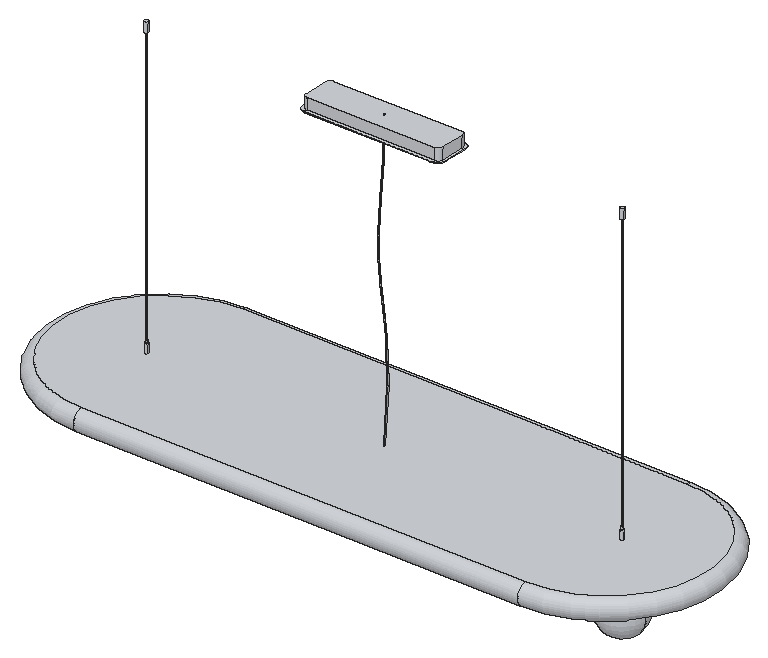
Revit family "BuzziSurf", category Lighting Fixtures, host Ceiling, Revit 2018
Family settings
  Host = Ceiling
  Round Connector Dimension = Use Diameter
  Part Type = Normal
  Always vertical = Yes
  Cut with Voids When Loaded = No
  Light Source = No
  Shared = No
  Room Calculation Point = No
Parameters (values of type "Sol Quintet Globe")
  Width = 210.00 cm
  Trio Light Visibility = yes
  Spot Light = no
  Solo Visibility = no
  Shade Upholstery [instance] = none
  Quintet Light Visibility = yes
  Metal Housing [instance] = none
  Light Spacing = 37.50 cm
  Large Visibility = yes
  Globe Material [instance] = none
  Drop From Ceiling [instance] = 100.00 cm
  Cord [instance] = none
  Ceiling Suspended Straight = yes
  Canopy Width = 45.00 cm
  Canopy [instance] = none
  Cables [instance] = none
Types (7, lengths in cm): name | Width | Trio Light Visibility | Spot Light | Solo Visibility | Quintet Light Visibility | Light Spacing | Large Visibility | Canopy Width
  (no name) | 210.00 | yes | no | no | yes | 37.50 | yes | 45.00
  Sol Solo Spot | 108.00 | no | yes | yes | no | 37.50 | no | 12.50
  Sol Solo Globe | 108.00 | no | no | yes | no | 37.50 | no | 12.50
  Sol Trio Globe | 140.00 | yes | no | no | no | 40.00 | yes | 35.00
  Sol Trio Spot | 140.00 | yes | yes | no | no | 40.00 | yes | 35.00
  Sol Quintet Globe | 210.00 | yes | no | no | yes | 37.50 | yes | 45.00
  Sol Quintet Spot | 210.00 | yes | yes | no | yes | 37.50 | yes | 45.00
Reference planes (cm)
  plane 1 "Center (Front/Back)": y = 0
  plane 2 "Ceiling": z = 243.84
  plane 3 "Center (Left/Right)": x = 0
  plane 4 "Fixture Bottom": z = 143.84
  plane 5: y = 35
  plane 6: y = -35
  plane 7: z = 150.34
  plane 8: x = -105
  plane 9: x = 105
  plane 10: x = -70
  plane 11: x = 70
  plane 12 "Center L/S": z = 141.34
  plane 13 "Trio Light Left": x = -37.5
  plane 14: x = 37.5
  plane 15 "Quintet Light Left": x = -75
  plane 16 "Quintet Light Right": x = 75
  plane 17 "Hanger Right": x = 75
  plane 18 "Hanger Left": x = -75
  plane 19: z = 152.99
  plane 20: z = 153.89
  plane 21: z = 240.94
  plane 22 "Electrical Bar Left": x = -78
  plane 23 "Electrical Bar Right": x = 78
  plane 24 "Canopy Left": x = -22.5
  plane 25 "Canopy Right": x = 22.5
  plane 26 "Canopy Edge Left": x = -21.5
  plane 27 "Canopy Edge Right": x = 21.5
Forms (cm)
  Revolve 1, solid, material <- "Shade Upholstery", visible <- "Solo Visibility"
    sketch origin (0, 0, 0) x (1, 0, 0) y (0, 0, 1)
      loop
        arc (-31.75, 150.34) -> (-35, 147.09) -> (-31.75, 143.84) r 3.25
        line (-31.75, 143.84) -> (0, 143.84) -> (0, 150.34) -> (-31.75, 150.34)
      axis (0, 150.34) -> (0, 143.84)
    angle from 0 to 360
  Revolve 2, solid, material <- "Shade Upholstery", visible <- "Large Visibility"
    sketch origin (0, 0, 0) x (1, 0, 0) y (0, 0, 1)
      loop
        arc (-101.75, 150.34) -> (-105, 147.09) -> (-101.75, 143.84) r 3.25
        line (-101.75, 143.84) -> (-70, 143.84) -> (-70, 150.34) -> (-101.75, 150.34)
      axis (-70, 150.34) -> (-70, 143.84)
    angle from -90 to 90
  Extrusion 3, solid, material <- "Shade Upholstery", visible <- "Large Visibility"
    sketch origin (-70, 84.5155, 121.92) x (0, 1, 0) y (0, 0, 1)
      loop
        arc (-52.7655, 21.92) -> (-49.5155, 25.17) -> (-52.7655, 28.42) r 3.25
        line (-52.7655, 28.42) -> (-116.2655, 28.42)
        arc (-116.2655, 28.42) -> (-119.5155, 25.17) -> (-116.2655, 21.92) r 3.25
        line (-116.2655, 21.92) -> (-52.7655, 21.92)
    from 0 to 140
  Revolve 4, solid, material <- "Shade Upholstery", visible <- "Large Visibility"
    sketch origin (0, 0, 0) x (1, 0, 0) y (0, 0, 1)
      loop
        line (101.75, 150.34) -> (70, 150.34) -> (70, 143.84) -> (101.75, 143.84)
        arc (101.75, 143.84) -> (105, 147.09) -> (101.75, 150.34) r 3.25
      axis (70, 150.34) -> (70, 143.84)
    angle from -90 to 90
  Extrusion 5, solid, material <- "Cables"
    sketch origin (-213.4795, -457.2, 150.34) x (-1, 0, 0) y (0, -1, 0)
      loop
        circle (-138.4795, -457.2) r 0.5
    from 0 to 2.65
  Extrusion 6, solid, material <- "Cables"
    sketch origin (-213.4795, -457.2, 152.99) x (-1, 0, 0) y (0, -1, 0)
      loop
        circle (-138.4795, -457.2) r 0.25
    from 0 to 0.9
  Extrusion 7, solid, material <- "Cables"
    sketch origin (-63.4795, -457.2, 150.34) x (-1, 0, 0) y (0, -1, 0)
      loop
        circle (-138.4795, -457.2) r 0.5
    from 0 to 2.65
  Extrusion 8, solid, material <- "Cables"
    sketch origin (-63.4795, -457.2, 152.99) x (-1, 0, 0) y (0, -1, 0)
      loop
        circle (-138.4795, -457.2) r 0.25
    from 0 to 0.9
  Extrusion 9, solid, material <- "Cables", visible <- "Ceiling Suspended Straight"
    sketch origin (0, 14.2894, 243.84) x (1, 0, 0) y (0, 1, 0)
      loop
        circle (-75, -14.2894) r 0.6
    from 0 to -2.9
  Extrusion 10, solid, material <- "Cables"
    sketch origin (-213.4795, -457.2, 153.89) x (-1, 0, 0) y (0, -1, 0)
      loop
        circle (-138.4795, -457.2) r 0.08
    from 0 to 87.05
  Extrusion 11, solid, material <- "Cables", visible <- "Ceiling Suspended Straight"
    sketch origin (150, 14.2894, 243.84) x (1, 0, 0) y (0, 1, 0)
      loop
        circle (-75, -14.2894) r 0.6
    from 0 to -2.9
  Extrusion 12, solid, material <- "Cables"
    sketch origin (-63.4795, -457.2, 153.89) x (-1, 0, 0) y (0, -1, 0)
      loop
        circle (-138.4795, -457.2) r 0.08
    from 0 to 87.05
  Extrusion 13, solid, material <- "Cord", visible <- "Solo Visibility"
    sketch origin (-213.4795, -457.2, 153.89) x (-1, 0, 0) y (0, -1, 0)
      loop
        circle (-213.4795, -457.2) r 0.08
    from -12.55 to -10.05
  Extrusion 14, solid, material <- "Canopy", visible <- "Large Visibility"
    sketch origin (-78, -457.2, 228.2835) x (0, 0, 1) y (0, -1, 0)
      loop
        line (-86.9435, -458.45) -> (-84.4435, -458.45) -> (-84.4435, -455.95) -> (-86.9435, -455.95) -> (-86.9435, -458.45)
    from 0 to 156
  Extrusion 15, solid, material <- "Canopy"
    sketch origin (-5.9951, 0, 243.84) x (1, 0, 0) y (0, 1, 0)
      loop
        arc (-14.0049, 5.25) -> (-15.0656, 4.8107) -> (-15.5049, 3.75) r 1.5
        line (-15.5049, 3.75) -> (-15.5049, -3.75)
        arc (-15.5049, -3.75) -> (-15.0656, -4.8107) -> (-14.0049, -5.25) r 1.5
        line (-14.0049, -5.25) -> (25.9951, -5.25)
        arc (25.9951, -5.25) -> (27.0557, -4.8107) -> (27.4951, -3.75) r 1.5
        line (27.4951, -3.75) -> (27.4951, 3.75)
        arc (27.4951, 3.75) -> (27.0557, 4.8107) -> (25.9951, 5.25) r 1.5
        line (25.9951, 5.25) -> (-14.0049, 5.25)
    from 0 to -3.5
  Extrusion 16, solid, material <- "Canopy"
    sketch origin (-5.9951, 0, 243.84) x (1, 0, 0) y (0, 1, 0)
      loop
        line (25.9551, 6.25) -> (-13.9649, 6.25)
        arc (-13.9649, 6.25) -> (-15.761, 5.5061) -> (-16.5049, 3.71) r 2.54
        line (-16.5049, 3.71) -> (-16.5049, -3.71)
        arc (-16.5049, -3.71) -> (-15.761, -5.5061) -> (-13.9649, -6.25) r 2.54
        line (-13.9649, -6.25) -> (25.9551, -6.25)
        arc (25.9551, -6.25) -> (27.7511, -5.5061) -> (28.4951, -3.71) r 2.54
        line (28.4951, -3.71) -> (28.4951, 3.71)
        arc (28.4951, 3.71) -> (27.7511, 5.5061) -> (25.9551, 6.25) r 2.54
    from -3.5 to -3.65
  Extrusion 17, solid, material <- "Canopy"
    sketch origin (-5.9897, 0, 243.84) x (1, 0, 0) y (0, 1, 0)
      loop
        circle (5.9897, 0) r 0.7172
    from -3.65 to -5.4511
  Sweep 18, solid, material <- "Cord"
    path origin (0, 0, 0) x (1, 0, 0) y (0, 0, 1)
      loop
        spline (0, 243.84) -> (-0.2, 235.1956) -> (-0.6762, 227.1778) -> (-1.2429, 219.734) -> (-1.7143, 212.8122) -> (-1.9046, 206.3599) -> (-1.6406, 200.3128) -> (-0.9705, 194.3918) -> (-0.133, 188.1334) -> (0.6275, 181.0684) -> (1.0662, 172.7274) -> (0.9386, 162.6411) -> (0, 150.34)
    profile origin (0, 0, 243.84) x (1, 0, 0.000004) y (0, -1, 0)
      loop
        circle (0, 0) r 0.16
Cuts and joins
  joined: Revolve 2, Extrusion 3, Revolve 4
Dimensions and locks (cm)
  equal spacing: host sketch curve, plane 3 "Center (Left/Right)", host sketch curve
  equal spacing: host sketch curve, plane 1 "Center (Front/Back)", host sketch curve
  host sketch curve to host sketch curve = 304.80 cm  (x2)
  "Drop From Ceiling": plane 2 "Ceiling" to plane 4 "Fixture Bottom"
  plane 12 "Center L/S" to plane 4 "Fixture Bottom" to plane 7 to plane 19 to plane 20 = 2.50 cm locked, 6.50 cm locked, 2.65 cm locked, 0.90 cm locked
  locked: Revolve 1 sketch curve to Revolve 1 sketch curve at 31.75
  equal spacing: plane 8, plane 3 "Center (Left/Right)", plane 9
  "Width": plane 8 to plane 9
  plane 8 to plane 10 = 35.00 cm
  locked: plane 11 to plane 9 at 35
  "Light Spacing": plane 16 "Quintet Light Right" to plane 14 to plane 3 "Center (Left/Right)" to plane 13 "Trio Light Left" to plane 15 "Quintet Light Left"
  locked: plane 9 to plane 17 "Hanger Right" at 30
  locked: plane 18 "Hanger Left" to plane 8 at 30
  locked: plane 22 "Electrical Bar Left" to plane 8 at 27
  locked: plane 23 "Electrical Bar Right" to plane 9 at 27
  "Canopy Width": plane 24 "Canopy Left" to plane 25 "Canopy Right"
  equal spacing: plane 24 "Canopy Left", plane 3 "Center (Left/Right)", plane 25 "Canopy Right"
  locked: plane 24 "Canopy Left" to plane 26 "Canopy Edge Left" at 1
  locked: plane 27 "Canopy Edge Right" to plane 25 "Canopy Right" at 1
  aligned and locked: Revolve 1 sketch curve to plane 3 "Center (Left/Right)"
  aligned and locked: plane 4 "Fixture Bottom" to Extrusion 3 sketch curve
  aligned and locked: plane 7 to Extrusion 3 sketch curve
  aligned and locked: cut or joined group of Revolve 2, Extrusion 3, Revolve 4 to plane 11
  aligned and locked: plane 11 to Revolve 4 sketch curve
  aligned and locked: plane 13 "Trio Light Left" to nested 2
  aligned and locked: plane 14 to nested 3
  aligned and locked: plane 15 "Quintet Light Left" to nested 4
  aligned and locked: plane 16 "Quintet Light Right" to nested 5
  aligned and locked: plane 18 "Hanger Left" to Extrusion 5 sketch curve
  aligned and locked: plane 19 to Extrusion 5
  aligned and locked: plane 18 "Hanger Left" to Extrusion 6 sketch curve
  aligned and locked: plane 20 to Extrusion 6
  aligned and locked: plane 17 "Hanger Right" to Extrusion 7 sketch curve
  aligned and locked: plane 17 "Hanger Right" to Extrusion 8 sketch curve
  aligned and locked: plane 18 "Hanger Left" to Extrusion 10 sketch curve
  aligned and locked: plane 18 "Hanger Left" to Extrusion 9 sketch curve
  aligned and locked: Extrusion 9 to plane 21
  aligned and locked: plane 21 to Extrusion 10
  aligned and locked: plane 17 "Hanger Right" to Extrusion 12 sketch curve
  aligned and locked: plane 17 "Hanger Right" to Extrusion 11 sketch curve
  aligned and locked: plane 21 to Extrusion 12
  aligned and locked: plane 12 "Center L/S" to nested 4
  aligned and locked: plane 12 "Center L/S" to nested 2
  aligned and locked: plane 12 "Center L/S" to nested 1
  aligned and locked: plane 12 "Center L/S" to nested 3
  aligned and locked: plane 12 "Center L/S" to nested 5
  aligned and locked: plane 4 "Fixture Bottom" to Extrusion 13
  aligned and locked: Extrusion 13 to plane 12 "Center L/S"
  aligned and locked: plane 3 "Center (Left/Right)" to Extrusion 13 sketch curve
  aligned and locked: plane 12 "Center L/S" to Extrusion 14 sketch curve
  aligned and locked: plane 4 "Fixture Bottom" to Extrusion 14 sketch curve
  aligned and locked: Extrusion 14 to plane 23 "Electrical Bar Right"
  aligned and locked: Extrusion 16 sketch curve to plane 24 "Canopy Left"
  aligned and locked: plane 25 "Canopy Right" to Extrusion 16 sketch curve
  aligned and locked: plane 3 "Center (Left/Right)" to Extrusion 17 sketch curve
  aligned and locked: Extrusion 15 sketch curve to plane 26 "Canopy Edge Left"
  aligned and locked: plane 27 "Canopy Edge Right" to Extrusion 15 sketch curve
Automatic sketch dimensions
  Revolve 1 sketch curve to plane 7 = 0.00 cm
  Revolve 1 sketch curve to plane 4 "Fixture Bottom" = 0.00 cm
  Revolve 1 sketch curve to Revolve 1 sketch curve = 0.00 cm
  plane 20 to Revolve 1 sketch curve = 21.8335 cm
  plane 2 "Ceiling" to Revolve 1 sketch curve = 32.4435 cm
  Revolve 2 sketch curve to plane 7 = 0.00 cm
  Revolve 2 sketch curve to plane 4 "Fixture Bottom" = 0.00 cm
  Revolve 2 sketch curve to plane 10 = 0.00 cm  (x2)
  plane 8 to Revolve 2 sketch curve = 3.25 cm
  plane 20 to Revolve 2 sketch curve = 27.39 cm
  Revolve 2 sketch curve to plane 21 = 21.10 cm
  Extrusion 3 sketch curve to plane 6 = 3.25 cm
  Extrusion 3 sketch curve to plane 5 = 3.25 cm
  Revolve 4 sketch curve to plane 4 "Fixture Bottom" = 0.00 cm
  plane 11 to Revolve 4 sketch curve = 0.00 cm
  Revolve 4 sketch curve to plane 7 = 0.00 cm
  plane 9 to Revolve 4 sketch curve = 3.25 cm
  plane 20 to Revolve 4 sketch curve = 37.39 cm
  Revolve 4 sketch curve to plane 21 = 19.10 cm
  plane 1 "Center (Front/Back)" to Extrusion 5 sketch curve = 0.00 cm
  plane 1 "Center (Front/Back)" to Extrusion 6 sketch curve = 0.00 cm
  plane 1 "Center (Front/Back)" to Extrusion 7 sketch curve = 0.00 cm
  plane 1 "Center (Front/Back)" to Extrusion 8 sketch curve = 0.00 cm
  plane 1 "Center (Front/Back)" to Extrusion 9 sketch curve = 0.00 cm
  plane 1 "Center (Front/Back)" to Extrusion 10 sketch curve = 0.00 cm
  plane 1 "Center (Front/Back)" to Extrusion 11 sketch curve = 0.00 cm
  plane 1 "Center (Front/Back)" to Extrusion 12 sketch curve = 0.00 cm
  plane 1 "Center (Front/Back)" to Extrusion 13 sketch curve = 0.00 cm
  Extrusion 14 sketch curve to plane 5 = 33.75 cm
  Extrusion 14 sketch curve to Extrusion 14 sketch curve = 2.50 cm
  Extrusion 17 sketch curve to plane 1 "Center (Front/Back)" = 0.00 cm
  plane 26 "Canopy Edge Left" to Extrusion 16 sketch curve = 1.54 cm  (x2)
  plane 27 "Canopy Edge Right" to Extrusion 16 sketch curve = 1.54 cm  (x2)
  plane 1 "Center (Front/Back)" to Extrusion 16 sketch curve = 6.25 cm
  Extrusion 16 sketch curve to plane 1 "Center (Front/Back)" = 3.71 cm
  Extrusion 15 sketch curve to Extrusion 15 sketch curve = 1.50 cm  (x2)
  plane 27 "Canopy Edge Right" to Extrusion 15 sketch curve = 1.50 cm  (x2)
  plane 1 "Center (Front/Back)" to Extrusion 15 sketch curve = 5.25 cm
  Extrusion 15 sketch curve to plane 1 "Center (Front/Back)" = 3.75 cm
  plane 1 "Center (Front/Back)" to Sweep 18 sketch curve = 0.00 cm
  Sweep 18 sketch curve to profile plane = 0.00 cm
  Sweep 18 sketch curve to plane 7 = 0.00 cm
  Sweep 18 sketch curve to plane 2 "Ceiling" = 0.00 cm
  Sweep 18 sketch curve to plane 3 "Center (Left/Right)" = 0.00 cm
  radius of Extrusion 5 sketch curve = 0.50 cm
  radius of Extrusion 6 sketch curve = 0.25 cm
  radius of Extrusion 7 sketch curve = 0.50 cm
  radius of Extrusion 8 sketch curve = 0.25 cm
  radius of Extrusion 9 sketch curve = 0.60 cm
  radius of Extrusion 10 sketch curve = 0.08 cm
  radius of Extrusion 11 sketch curve = 0.60 cm
  radius of Extrusion 12 sketch curve = 0.08 cm
  radius of Extrusion 13 sketch curve = 0.08 cm
  radius of Extrusion 17 sketch curve = 0.7172 cm
  radius of Sweep 18 sketch curve = 0.16 cm
Nested families (cm)
  nested 1: "Light" at (0, 0, 110.4433), Globe Material <- "Globe Material", Metal Housing Material <- "Metal Housing", type "Spot Light"
  nested 2: "Light" at (-37.5, 0, 110.4433), visible <- "Trio Light Visibility", Globe Material <- "Globe Material", Metal Housing Material <- "Metal Housing", type "Spot Light"
  nested 3: "Light" at (37.5, 0, 110.4433), visible <- "Trio Light Visibility", Globe Material <- "Globe Material", Metal Housing Material <- "Metal Housing", type "Spot Light"
  nested 4: "Light" at (-75, 0, 110.4433), visible <- "Quintet Light Visibility", Globe Material <- "Globe Material", Metal Housing Material <- "Metal Housing", type "Spot Light"
  nested 5: "Light" at (75, 0, 110.4433), visible <- "Quintet Light Visibility", Globe Material <- "Globe Material", Metal Housing Material <- "Metal Housing", type "Spot Light"
Definition of nested family "Light"
  Parameters (values of type "Globe Light")
    Spot = no
    Metal Housing Material [instance] = none
    Globe Material [instance] = none
    Globe = not(Spot)  # yes
  Types (2): name
    Globe Light
    Spot Light
  Reference planes (cm)
    plane 1 "Light Source Axis (F/B)": y = 0
    plane 2: z = 0
    plane 3 "Light Source Axis (L/R)": x = 0
    plane 4 "Light Source Elevation": z = 137.16
    plane 5: z = 30.8967
  Dimensions and locks (cm)
    aligned and locked: level to plane 2
  Nested families (cm)
    nested 1: "Spot Light" at (0, 0, -11.1026), Metal Housing <- "Metal Housing Material", visible <- "Spot", type "Spot Light"
    nested 2: "Globe Light" at (0, 0, -11.1026), Metal Housing <- "Metal Housing Material", visible <- "Globe", Globe <- "Globe Material", type "Globe Light"
  Definition of nested family "Spot Light"
    Parameters (values of type "Spot Light")
      Wattage = 12.1178 W
      built-in parameter 1150110 = 1 (stored number, unit not read)
      built-in parameter 1114217 = 1 (stored number, unit not read)
      Tilt Angle = 90.00°
      built-in parameter 1150109 = 1 (stored number, unit not read)
      built-in parameter 1150134 = (empty or 0)
      built-in parameter 1150113 = 1 (stored number, unit not read)
      built-in parameter 1010507 = 1.5708 (stored number, unit not read)
      built-in parameter 1010506 = 0.5236 (stored number, unit not read)
      Metal Housing [instance] = none
      Lumens = 1800 lm
      built-in parameter 1150115 = 1 (stored number, unit not read)
      built-in parameter 1150105 = 6018.4 (stored number, unit not read)
      Light Source Symbol Length = 304.80 cm
      built-in parameter 1150137 = (empty or 0)
      built-in parameter 1150139 = (empty or 0)
      built-in parameter 1150112 = 1 (stored number, unit not read)
      built-in parameter 1150114 = 1 (stored number, unit not read)
      built-in parameter 1150132 = 2
      built-in parameter 1150102 = (empty or 0)
      built-in parameter 1150138 = (empty or 0)
      built-in parameter 1150107 = 3000 (stored number, unit not read)
      built-in parameter 1150106 = 60.184 (stored number, unit not read)
      built-in parameter 1150104 = 13.8 (stored number, unit not read)
      Dimming Lamp Color Temperature Shift = (empty or 0)
      Color Filter = 16777215
      built-in parameter 1114218 = 1 (stored number, unit not read)
      built-in parameter 1150133 = 10 (stored number, unit not read)
    Reference planes (cm)
      plane 1 "Light Source Axis (F/B)": y = 0
      plane 2: z = 0
      plane 3 "Light Source Axis (L/R)": x = 0
      plane 4 "Light Source Elevation": z = 33.9725
      plane 5: z = 30.8967
      plane 6: z = 41.9993
      plane 7: z = 36.9987
    Forms (cm)
      Revolve 1, solid, material <- "Metal Housing"
        sketch origin (0, 0, 0) x (1, 0, 0) y (0, 0, 1)
          loop
            line (-5, 36.9) -> (-5.1048, 30.8967) -> (-4.9013, 30.8967) -> (-4.8943, 31.3) -> (-3.5, 31.3) -> (-3.5, 31.5) -> (-3.59, 31.5) -> (-3.59, 31.63) -> (-3.4257, 31.63)
            arc (-3.4257, 31.63) -> (-2.6872, 34.1929) -> (-1.3595, 36.5062) r 11.1184
            line (-1.3595, 36.5062) -> (-0.7622, 36.69) -> (-0.7462, 36.9) -> (-5, 36.9)
          axis (0, 36.9) -> (0, 30.8967)
        angle from 0 to 360
      Blend 2, solid, material <- "Metal Housing"
        base sketch origin (0, 0, 0) x (1, 0, 0) y (0, 1, 0)
          loop
            arc (-0.4043, 3.7656) -> (-0.7646, 3.7093) -> (-1.1178, 3.6186) r 3.7873
            line (-1.1178, 3.6186) -> (-1.5341, 4.7625) -> (-1.8861, 4.6344) -> (-1.4697, 3.4905)
            arc (-1.4697, 3.4905) -> (-1.8936, 3.2799) -> (-2.288, 3.0181) r 3.7873
            line (-2.288, 3.0181) -> (-3.0705, 3.9506) -> (-3.3574, 3.7098) -> (-2.5749, 2.7773)
            arc (-2.5749, 2.7773) -> (-2.9012, 2.4344) -> (-3.1822, 2.0535) r 3.7873
            line (-3.1822, 2.0535) -> (-4.2365, 2.6622) -> (-4.4238, 2.3378) -> (-3.3695, 1.7291)
            arc (-3.3695, 1.7291) -> (-3.5589, 1.2953) -> (-3.6927, 0.8413) r 3.7873
            line (-3.6927, 0.8413) -> (-4.8915, 1.0527) -> (-4.9566, 0.6838) -> (-3.7577, 0.4724)
            arc (-3.7577, 0.4724) -> (-3.7873, 0) -> (-3.7577, -0.4724) r 3.7873
            line (-3.7577, -0.4724) -> (-4.9566, -0.6838) -> (-4.8915, -1.0527) -> (-3.6927, -0.8413)
            arc (-3.6927, -0.8413) -> (-3.5946, -1.1925) -> (-3.4633, -1.5327) r 3.7873
            line (-3.4633, -1.5327) -> (-4.4207, -2.3361)
            arc (-4.4207, -2.3361) -> (-4.3301, -2.5) -> (-4.2335, -2.6604) r 5
            line (-4.2335, -2.6604) -> (-3.059, -2.233)
            arc (-3.059, -2.233) -> (-2.8301, -2.5168) -> (-2.5749, -2.7773) r 3.7873
            line (-2.5749, -2.7773) -> (-3.3574, -3.7098) -> (-3.0705, -3.9506) -> (-2.288, -3.0181)
            arc (-2.288, -3.0181) -> (-1.8936, -3.2799) -> (-1.4697, -3.4905) r 3.7873
            line (-1.4697, -3.4905) -> (-1.8861, -4.6344) -> (-1.5341, -4.7625) -> (-1.1178, -3.6186)
            arc (-1.1178, -3.6186) -> (-0.6577, -3.7297) -> (-0.1873, -3.7826) r 3.7873
            line (-0.1873, -3.7826) -> (-0.1873, -5) -> (0.1873, -5) -> (0.1873, -3.7826)
            arc (0.1873, -3.7826) -> (0.6577, -3.7297) -> (1.1178, -3.6186) r 3.7873
            line (1.1178, -3.6186) -> (1.5341, -4.7625) -> (1.8861, -4.6344) -> (1.4697, -3.4905)
            arc (1.4697, -3.4905) -> (1.8936, -3.2799) -> (2.288, -3.0181) r 3.7873
            line (2.288, -3.0181) -> (3.0705, -3.9506) -> (3.3574, -3.7098) -> (2.5749, -2.7773)
            arc (2.5749, -2.7773) -> (2.8301, -2.5168) -> (3.059, -2.233) r 3.7873
            line (3.059, -2.233) -> (4.2335, -2.6604)
            arc (4.2335, -2.6604) -> (4.3301, -2.5) -> (4.4207, -2.3361) r 5
            line (4.4207, -2.3361) -> (3.4633, -1.5327)
            arc (3.4633, -1.5327) -> (3.5946, -1.1925) -> (3.6927, -0.8413) r 3.7873
            line (3.6927, -0.8413) -> (4.8915, -1.0527) -> (4.9566, -0.6838) -> (3.7577, -0.4724)
            arc (3.7577, -0.4724) -> (3.7873, 0) -> (3.7577, 0.4724) r 3.7873
            line (3.7577, 0.4724) -> (4.9566, 0.6838) -> (4.8915, 1.0527) -> (3.6927, 0.8413)
            arc (3.6927, 0.8413) -> (3.5589, 1.2953) -> (3.3695, 1.7291) r 3.7873
            line (3.3695, 1.7291) -> (4.4238, 2.3378) -> (4.2365, 2.6622) -> (3.1822, 2.0535)
            arc (3.1822, 2.0535) -> (2.9012, 2.4344) -> (2.5749, 2.7773) r 3.7873
            line (2.5749, 2.7773) -> (3.3574, 3.7098) -> (3.0705, 3.9506) -> (2.288, 3.0181)
            arc (2.288, 3.0181) -> (1.8936, 3.2799) -> (1.4697, 3.4905) r 3.7873
            line (1.4697, 3.4905) -> (1.8861, 4.6344) -> (1.5341, 4.7625) -> (1.1178, 3.6186)
            arc (1.1178, 3.6186) -> (0.7646, 3.7093) -> (0.4043, 3.7656) r 3.7873
            line (0.4043, 3.7656) -> (0.1873, 4.9965)
            arc (0.1873, 4.9965) -> (0, 5) -> (-0.1873, 4.9965) r 5
            line (-0.1873, 4.9965) -> (-0.4043, 3.7656)
        top sketch origin (0, 0, 0) x (1, 0, 0) y (0, 1, 0)
          loop
            line (-1.7312, 4.6055) -> (-1.3115, 3.4524)
            arc (-1.3115, 3.4524) -> (-1.8468, 3.1983) -> (-2.3346, 2.8618) r 3.6936
            line (-2.3346, 2.8618) -> (-3.1233, 3.8017) -> (-3.2021, 3.7356) -> (-2.4134, 2.7956)
            arc (-2.4134, 2.7956) -> (-2.8295, 2.3737) -> (-3.1727, 1.8907) r 3.6936
            line (-3.1727, 1.8907) -> (-4.2354, 2.5042) -> (-4.2868, 2.4151) -> (-3.2242, 1.8016)
            arc (-3.2242, 1.8016) -> (-3.4709, 1.2628) -> (-3.6282, 0.6915) r 3.6936
            line (-3.6282, 0.6915) -> (-4.8366, 0.9046) -> (-4.8545, 0.8032) -> (-3.6461, 0.5901)
            arc (-3.6461, 0.5901) -> (-3.6936, -0.0005) -> (-3.6461, -0.5912) r 3.6936
            line (-3.6461, -0.5912) -> (-4.8545, -0.8042) -> (-4.8366, -0.9056) -> (-3.6282, -0.6925)
            arc (-3.6282, -0.6925) -> (-3.5101, -1.1503) -> (-3.3345, -1.5892) r 3.6936
            line (-3.3345, -1.5892) -> (-4.3656, -2.4544) -> (-4.3079, -2.5543) -> (-3.0431, -2.0939)
            arc (-3.0431, -2.0939) -> (-2.7508, -2.4655) -> (-2.4134, -2.7966) r 3.6936
            line (-2.4134, -2.7966) -> (-3.2021, -3.7366) -> (-3.1233, -3.8027) -> (-2.3346, -2.8628)
            arc (-2.3346, -2.8628) -> (-1.8468, -3.1993) -> (-1.3115, -3.4534) r 3.6936
            line (-1.3115, -3.4534) -> (-1.7312, -4.6065) -> (-1.6345, -4.6417) -> (-1.2148, -3.4886)
            arc (-1.2148, -3.4886) -> (-0.6414, -3.638) -> (-0.0515, -3.6938) r 3.6936
            line (-0.0515, -3.6938) -> (-0.0515, -4.9208) -> (0.0515, -4.9208) -> (0.0515, -3.6938)
            arc (0.0515, -3.6938) -> (0.6414, -3.638) -> (1.2148, -3.4886) r 3.6936
            line (1.2148, -3.4886) -> (1.6345, -4.6417) -> (1.7312, -4.6065) -> (1.3115, -3.4534)
            arc (1.3115, -3.4534) -> (1.8468, -3.1993) -> (2.3346, -2.8628) r 3.6936
            line (2.3346, -2.8628) -> (3.1233, -3.8027) -> (3.2021, -3.7366) -> (2.4134, -2.7966)
            arc (2.4134, -2.7966) -> (2.7508, -2.4655) -> (3.0431, -2.0939) r 3.6936
            line (3.0431, -2.0939) -> (4.3079, -2.5543) -> (4.3656, -2.4544) -> (3.3345, -1.5892)
            arc (3.3345, -1.5892) -> (3.5101, -1.1503) -> (3.6282, -0.6925) r 3.6936
            line (3.6282, -0.6925) -> (4.8366, -0.9056) -> (4.8545, -0.8042) -> (3.6461, -0.5912)
            arc (3.6461, -0.5912) -> (3.6936, -0.0005) -> (3.6461, 0.5901) r 3.6936
            line (3.6461, 0.5901) -> (4.8545, 0.8032) -> (4.8366, 0.9046) -> (3.6282, 0.6915)
            arc (3.6282, 0.6915) -> (3.4709, 1.2628) -> (3.2242, 1.8016) r 3.6936
            line (3.2242, 1.8016) -> (4.2868, 2.4151) -> (4.2354, 2.5042) -> (3.1727, 1.8907)
            arc (3.1727, 1.8907) -> (2.8295, 2.3737) -> (2.4134, 2.7956) r 3.6936
            line (2.4134, 2.7956) -> (3.2021, 3.7356) -> (3.1233, 3.8017) -> (2.3346, 2.8618)
            arc (2.3346, 2.8618) -> (1.8468, 3.1983) -> (1.3115, 3.4524) r 3.6936
            line (1.3115, 3.4524) -> (1.7312, 4.6055) -> (1.6345, 4.6407) -> (1.2148, 3.4876)
            arc (1.2148, 3.4876) -> (0.7593, 3.6142) -> (0.2914, 3.6816) r 3.6936
            line (0.2914, 3.6816) -> (0.0577, 5.0071)
            arc (0.0577, 5.0071) -> (0, 5.0075) -> (-0.0577, 5.0071) r 5.008
            line (-0.0577, 5.0071) -> (-0.2914, 3.6816)
            arc (-0.2914, 3.6816) -> (-0.7593, 3.6142) -> (-1.2148, 3.4876) r 3.6936
            line (-1.2148, 3.4876) -> (-1.6345, 4.6407) -> (-1.7312, 4.6055)
        from 36.9987 to 41.9993
    Dimensions and locks (cm)
      aligned and locked: imposter light to plane 3 "Light Source Axis (L/R)"
      aligned and locked: plane 1 "Light Source Axis (F/B)" to imposter light
      aligned and locked: plane 4 "Light Source Elevation" to imposter light
      aligned and locked: level to plane 2
  Definition of nested family "Globe Light"
    Parameters (values of type "Globe Light")
      Wattage = 12.1178 W
      built-in parameter 1150110 = 1 (stored number, unit not read)
      built-in parameter 1114217 = 1 (stored number, unit not read)
      built-in parameter 1150109 = 1 (stored number, unit not read)
      built-in parameter 1150134 = (empty or 0)
      built-in parameter 1150113 = 1 (stored number, unit not read)
      Metal Housing [instance] = none
      Lumens = 1800 lm
      built-in parameter 1150115 = 1 (stored number, unit not read)
      built-in parameter 1150105 = 143.24 (stored number, unit not read)
      Light Source Symbol Size = 60.96 cm
      built-in parameter 1150137 = (empty or 0)
      built-in parameter 1150139 = (empty or 0)
      built-in parameter 1150112 = 1 (stored number, unit not read)
      built-in parameter 1150114 = 1 (stored number, unit not read)
      built-in parameter 1150132 = 2
      built-in parameter 1150102 = (empty or 0)
      built-in parameter 1150138 = (empty or 0)
      built-in parameter 1150107 = 3000 (stored number, unit not read)
      built-in parameter 1150106 = 1.4324 (stored number, unit not read)
      Globe [instance] = none
      built-in parameter 1150104 = 13.8 (stored number, unit not read)
      Dimming Lamp Color Temperature Shift = (empty or 0)
      Color Filter = 16777215
      built-in parameter 1114218 = 1 (stored number, unit not read)
      built-in parameter 1150133 = 10 (stored number, unit not read)
    Reference planes (cm)
      plane 1 "Light Source Axis (F/B)": y = 0
      plane 2: z = 0
      plane 3 "Light Source Axis (L/R)": x = 0
      plane 4 "Light Source Elevation": z = 33.9725
      plane 5: z = 30.8967
      plane 6: z = 41.9993
      plane 7: z = 36.9987
    Forms (cm)
      Blend 1, solid, material <- "Metal Housing"
        base sketch origin (0, 0, 0) x (1, 0, 0) y (0, 1, 0)
          loop
            arc (-0.4043, 3.7656) -> (-0.7646, 3.7093) -> (-1.1178, 3.6186) r 3.7873
            line (-1.1178, 3.6186) -> (-1.5341, 4.7625) -> (-1.8861, 4.6344) -> (-1.4697, 3.4905)
            arc (-1.4697, 3.4905) -> (-1.8936, 3.2799) -> (-2.288, 3.0181) r 3.7873
            line (-2.288, 3.0181) -> (-3.0705, 3.9506) -> (-3.3574, 3.7098) -> (-2.5749, 2.7773)
            arc (-2.5749, 2.7773) -> (-2.9012, 2.4344) -> (-3.1822, 2.0535) r 3.7873
            line (-3.1822, 2.0535) -> (-4.2365, 2.6622) -> (-4.4238, 2.3378) -> (-3.3695, 1.7291)
            arc (-3.3695, 1.7291) -> (-3.5589, 1.2953) -> (-3.6927, 0.8413) r 3.7873
            line (-3.6927, 0.8413) -> (-4.8915, 1.0527) -> (-4.9566, 0.6838) -> (-3.7577, 0.4724)
            arc (-3.7577, 0.4724) -> (-3.7873, 0) -> (-3.7577, -0.4724) r 3.7873
            line (-3.7577, -0.4724) -> (-4.9566, -0.6838) -> (-4.8915, -1.0527) -> (-3.6927, -0.8413)
            arc (-3.6927, -0.8413) -> (-3.5946, -1.1925) -> (-3.4633, -1.5327) r 3.7873
            line (-3.4633, -1.5327) -> (-4.4207, -2.3361)
            arc (-4.4207, -2.3361) -> (-4.3301, -2.5) -> (-4.2335, -2.6604) r 5
            line (-4.2335, -2.6604) -> (-3.059, -2.233)
            arc (-3.059, -2.233) -> (-2.8301, -2.5168) -> (-2.5749, -2.7773) r 3.7873
            line (-2.5749, -2.7773) -> (-3.3574, -3.7098) -> (-3.0705, -3.9506) -> (-2.288, -3.0181)
            arc (-2.288, -3.0181) -> (-1.8936, -3.2799) -> (-1.4697, -3.4905) r 3.7873
            line (-1.4697, -3.4905) -> (-1.8861, -4.6344) -> (-1.5341, -4.7625) -> (-1.1178, -3.6186)
            arc (-1.1178, -3.6186) -> (-0.6577, -3.7297) -> (-0.1873, -3.7826) r 3.7873
            line (-0.1873, -3.7826) -> (-0.1873, -5) -> (0.1873, -5) -> (0.1873, -3.7826)
            arc (0.1873, -3.7826) -> (0.6577, -3.7297) -> (1.1178, -3.6186) r 3.7873
            line (1.1178, -3.6186) -> (1.5341, -4.7625) -> (1.8861, -4.6344) -> (1.4697, -3.4905)
            arc (1.4697, -3.4905) -> (1.8936, -3.2799) -> (2.288, -3.0181) r 3.7873
            line (2.288, -3.0181) -> (3.0705, -3.9506) -> (3.3574, -3.7098) -> (2.5749, -2.7773)
            arc (2.5749, -2.7773) -> (2.8301, -2.5168) -> (3.059, -2.233) r 3.7873
            line (3.059, -2.233) -> (4.2335, -2.6604)
            arc (4.2335, -2.6604) -> (4.3301, -2.5) -> (4.4207, -2.3361) r 5
            line (4.4207, -2.3361) -> (3.4633, -1.5327)
            arc (3.4633, -1.5327) -> (3.5946, -1.1925) -> (3.6927, -0.8413) r 3.7873
            line (3.6927, -0.8413) -> (4.8915, -1.0527) -> (4.9566, -0.6838) -> (3.7577, -0.4724)
            arc (3.7577, -0.4724) -> (3.7873, 0) -> (3.7577, 0.4724) r 3.7873
            line (3.7577, 0.4724) -> (4.9566, 0.6838) -> (4.8915, 1.0527) -> (3.6927, 0.8413)
            arc (3.6927, 0.8413) -> (3.5589, 1.2953) -> (3.3695, 1.7291) r 3.7873
            line (3.3695, 1.7291) -> (4.4238, 2.3378) -> (4.2365, 2.6622) -> (3.1822, 2.0535)
            arc (3.1822, 2.0535) -> (2.9012, 2.4344) -> (2.5749, 2.7773) r 3.7873
            line (2.5749, 2.7773) -> (3.3574, 3.7098) -> (3.0705, 3.9506) -> (2.288, 3.0181)
            arc (2.288, 3.0181) -> (1.8936, 3.2799) -> (1.4697, 3.4905) r 3.7873
            line (1.4697, 3.4905) -> (1.8861, 4.6344) -> (1.5341, 4.7625) -> (1.1178, 3.6186)
            arc (1.1178, 3.6186) -> (0.7646, 3.7093) -> (0.4043, 3.7656) r 3.7873
            line (0.4043, 3.7656) -> (0.1873, 4.9965)
            arc (0.1873, 4.9965) -> (0, 5) -> (-0.1873, 4.9965) r 5
            line (-0.1873, 4.9965) -> (-0.4043, 3.7656)
        top sketch origin (0, 0, 0) x (1, 0, 0) y (0, 1, 0)
          loop
            line (-1.7312, 4.6055) -> (-1.3115, 3.4524)
            arc (-1.3115, 3.4524) -> (-1.8468, 3.1983) -> (-2.3346, 2.8618) r 3.6936
            line (-2.3346, 2.8618) -> (-3.1233, 3.8017) -> (-3.2021, 3.7356) -> (-2.4134, 2.7956)
            arc (-2.4134, 2.7956) -> (-2.8295, 2.3737) -> (-3.1727, 1.8907) r 3.6936
            line (-3.1727, 1.8907) -> (-4.2354, 2.5042) -> (-4.2868, 2.4151) -> (-3.2242, 1.8016)
            arc (-3.2242, 1.8016) -> (-3.4709, 1.2628) -> (-3.6282, 0.6915) r 3.6936
            line (-3.6282, 0.6915) -> (-4.8366, 0.9046) -> (-4.8545, 0.8032) -> (-3.6461, 0.5901)
            arc (-3.6461, 0.5901) -> (-3.6936, -0.0005) -> (-3.6461, -0.5912) r 3.6936
            line (-3.6461, -0.5912) -> (-4.8545, -0.8042) -> (-4.8366, -0.9056) -> (-3.6282, -0.6925)
            arc (-3.6282, -0.6925) -> (-3.5101, -1.1503) -> (-3.3345, -1.5892) r 3.6936
            line (-3.3345, -1.5892) -> (-4.3656, -2.4544) -> (-4.3079, -2.5543) -> (-3.0431, -2.0939)
            arc (-3.0431, -2.0939) -> (-2.7508, -2.4655) -> (-2.4134, -2.7966) r 3.6936
            line (-2.4134, -2.7966) -> (-3.2021, -3.7366) -> (-3.1233, -3.8027) -> (-2.3346, -2.8628)
            arc (-2.3346, -2.8628) -> (-1.8468, -3.1993) -> (-1.3115, -3.4534) r 3.6936
            line (-1.3115, -3.4534) -> (-1.7312, -4.6065) -> (-1.6345, -4.6417) -> (-1.2148, -3.4886)
            arc (-1.2148, -3.4886) -> (-0.6414, -3.638) -> (-0.0515, -3.6938) r 3.6936
            line (-0.0515, -3.6938) -> (-0.0515, -4.9208) -> (0.0515, -4.9208) -> (0.0515, -3.6938)
            arc (0.0515, -3.6938) -> (0.6414, -3.638) -> (1.2148, -3.4886) r 3.6936
            line (1.2148, -3.4886) -> (1.6345, -4.6417) -> (1.7312, -4.6065) -> (1.3115, -3.4534)
            arc (1.3115, -3.4534) -> (1.8468, -3.1993) -> (2.3346, -2.8628) r 3.6936
            line (2.3346, -2.8628) -> (3.1233, -3.8027) -> (3.2021, -3.7366) -> (2.4134, -2.7966)
            arc (2.4134, -2.7966) -> (2.7508, -2.4655) -> (3.0431, -2.0939) r 3.6936
            line (3.0431, -2.0939) -> (4.3079, -2.5543) -> (4.3656, -2.4544) -> (3.3345, -1.5892)
            arc (3.3345, -1.5892) -> (3.5101, -1.1503) -> (3.6282, -0.6925) r 3.6936
            line (3.6282, -0.6925) -> (4.8366, -0.9056) -> (4.8545, -0.8042) -> (3.6461, -0.5912)
            arc (3.6461, -0.5912) -> (3.6936, -0.0005) -> (3.6461, 0.5901) r 3.6936
            line (3.6461, 0.5901) -> (4.8545, 0.8032) -> (4.8366, 0.9046) -> (3.6282, 0.6915)
            arc (3.6282, 0.6915) -> (3.4709, 1.2628) -> (3.2242, 1.8016) r 3.6936
            line (3.2242, 1.8016) -> (4.2868, 2.4151) -> (4.2354, 2.5042) -> (3.1727, 1.8907)
            arc (3.1727, 1.8907) -> (2.8295, 2.3737) -> (2.4134, 2.7956) r 3.6936
            line (2.4134, 2.7956) -> (3.2021, 3.7356) -> (3.1233, 3.8017) -> (2.3346, 2.8618)
            arc (2.3346, 2.8618) -> (1.8468, 3.1983) -> (1.3115, 3.4524) r 3.6936
            line (1.3115, 3.4524) -> (1.7312, 4.6055) -> (1.6345, 4.6407) -> (1.2148, 3.4876)
            arc (1.2148, 3.4876) -> (0.7593, 3.6142) -> (0.2914, 3.6816) r 3.6936
            line (0.2914, 3.6816) -> (0.0577, 5.0071)
            arc (0.0577, 5.0071) -> (0, 5.0075) -> (-0.0577, 5.0071) r 5.008
            line (-0.0577, 5.0071) -> (-0.2914, 3.6816)
            arc (-0.2914, 3.6816) -> (-0.7593, 3.6142) -> (-1.2148, 3.4876) r 3.6936
            line (-1.2148, 3.4876) -> (-1.6345, 4.6407) -> (-1.7312, 4.6055)
        from 36.9987 to 41.9993
      Revolve 2, solid, material <- "Globe"
        sketch origin (0, 0, 0) x (1, 0, 0) y (0, 0, 1)
          loop
            arc (-4.9566, 36.9987) -> (-6.9795, 28.7642) -> (0, 23.9492) r 7.466
            line (0, 23.9492) -> (0, 24.232)
            arc (0, 24.232) -> (-6.6947, 28.8115) -> (-4.8533, 36.7109) r 7.1832
            line (-4.8533, 36.7109) -> (0, 36.7109) -> (0, 36.9987) -> (-4.9566, 36.9987)
          axis (0, 36.9987) -> (0, 23.9492)
        angle from 0 to 360
    Dimensions and locks (cm)
      aligned and locked: plane 3 "Light Source Axis (L/R)" to imposter light
      aligned and locked: plane 1 "Light Source Axis (F/B)" to imposter light
      aligned and locked: plane 4 "Light Source Elevation" to imposter light
      aligned and locked: level to plane 2
